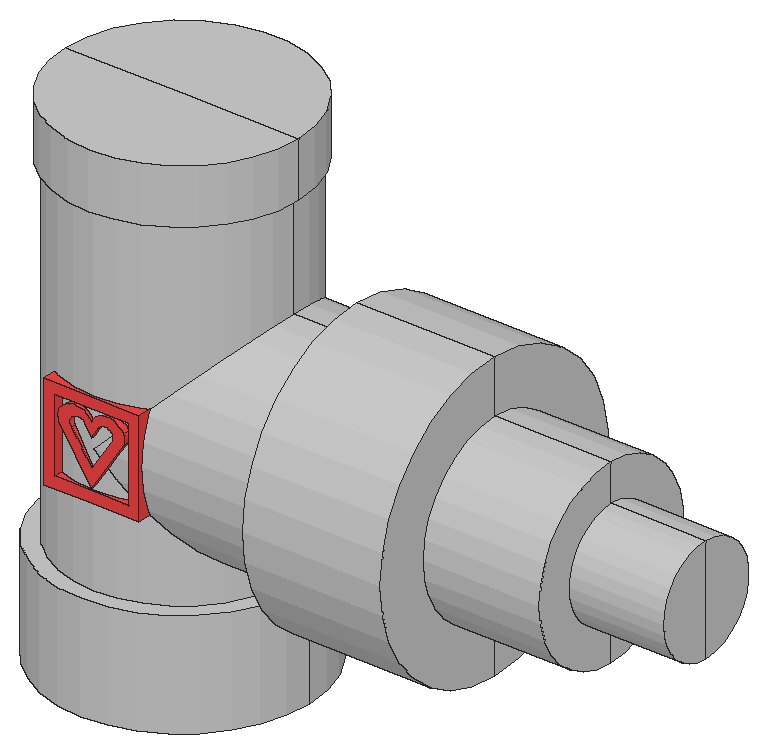
Revit family "RL-1 Return Valve Angle Model 3724", category Rohrzubehör, Revit 2020
Family settings
  Bemaßung runder Anschluss = Durchmesser verwenden
  Teiletyp = Unterbricht
  OmniClass-Nummer = 23.65.55.14
  OmniClass-Titel = Valves for Liquid Services
  Arbeitsebenenbasiert = Nein
  Immer vertikal = Nein
  Beim Laden mit Abzugskörper schneiden = Nein
  Gemeinsam genutzt = Nein
Parameters
  Vorgabe-Ansicht = 0.000 mm
  URL = "www.herzvalves.com"
  SCRNSEQ = "ARM;ARM_TYP=\"ALLF\";2"
  SCRNCODE = "05;01;02"  # constant formula
  S04 = 45.000 mm  # constant formula
  S03 [instance] = H02 - 5.000 mm + 41.000 mm  # 60.500 mm
  S02 [instance] = L04 + L03 - L02  # 25.500 mm
  S01 = 10.000 mm  # constant formula
  R06 = 11.000 mm  # constant formula
  Part number [instance] = size_lookup("3724_1_", "Artnr", 0, Nennweite)  # 1372440
  Nennweite [instance] = 10.000 mm
  Model = "All models are nickel-plated and are universal models with special socket for threaded pipe and compression union."
  Medium = "Hot water purity according to Austrian standard ÖNORM H 5195 and/or VDI guideline 2035."
  Max. operating temperature = 110 °C  # constant formula
  Max. operating pressure = 1000000.0 Pa  # constant formula
  LO1 [instance] = R01 - 0.500 mm  # 10.000 mm
  L04 [instance] = size_lookup("3724_1_", "L4", 1.000 mm, Nennweite)  # 20.000 mm
  L03 [instance] = size_lookup("3724_1_", "L3", 1.000 mm, Nennweite)  # 13.000 mm
  L02 [instance] = size_lookup("3724_1_", "L2", 1.000 mm, Nennweite)  # 7.500 mm
  L01 [instance] = size_lookup("3724_1_", "L1", 1.000 mm, Nennweite)  # 24.000 mm
  Hersteller = "HERZ Armaturen Ges.m.b.H."  # constant formula
  H05 = 5.200 mm  # constant formula
  H04 = 25.500 mm  # constant formula
  H03 [instance] = size_lookup("3724_1_", "H3", 1.000 mm, Nennweite)  # 10.000 mm
  H02 [instance] = 24.500 mm  # constant formula
  H01 [instance] = size_lookup("3724_1_", "H1", 1.000 mm, Nennweite)  # 22.000 mm
  Body = "nickel-plated"  # constant formula
  GT1 [instance] = size_lookup("3724_1_", "GT1", 1.000 mm, Nennweite)  # 9.000 mm
  GT [instance] = size_lookup("3724_1_", "GT", 1.000 mm, Nennweite)  # 9.500 mm
  G2 [instance] = Nennweite / 2  # 5.000 mm
  G1 [instance] = Nennweite / 2  # 5.000 mm
  R01 = 10.500 mm  # constant formula
  D05 [instance] = size_lookup("3724_1_", "D5", 1.000 mm, Nennweite)  # 8.500 mm
  D04 [instance] = size_lookup("3724_1_", "D4", 1.000 mm, Nennweite)  # 13.500 mm
  D03 [instance] = R01  # 10.500 mm
  D02 [instance] = size_lookup("3724_1_", "D2", 1.000 mm, Nennweite)  # 7.940 mm
  D01 [instance] = size_lookup("3724_1_", "D1", 1.000 mm, Nennweite)  # 12.000 mm
  Application = "Hot Water Heating Systems\r\nAfter installation of the return valve it is possible to close the radiator return connection.\r\nWhen the intake valve is closed simultaneously (0-position for thermostatic valves) it is possible to remove the radiator while the heating system remains under pressure.\r\nThus, it is possible to perform servicing operations and to work behind the radiator (wall-papering, laying tiles) without having to switch off the rest of the system.\r\nIf presetting of the return valve or filling and draining of the radiators or of the entire system through the return valve is required, we recommend using the HERZ-RL-5 return valve."
Reference planes
  plane 1 "Mitte (Vorne/hinten)": y = 0
  plane 2: z = 0
  plane 3 "Mitte (Links/rechts)": x = 0
Forms (mm)
  Revolve 1, solid, material "Messing, weicher Gelbton, geschweißt", detail levels fine
    sketch origin (0, 0, 0) x (1, 0, 0) y (0, 0, 1)
      loop
        line (0, 24.5) -> (-10.5, 24.5) -> (-10.5, -12) -> (-12, -12) -> (-12, -22) -> (-5, -22) -> (-5, -12.5) -> (0, -12.5) -> (0, 24.5)
      axis (0, 24.5) -> (0, -22)
    angle from 0 to 360
  Revolve 2, solid, material "Messing, weicher Gelbton, geschweißt", detail levels fine
    sketch origin (0, 0, 0) x (1, 0, 0) y (0, 0, 1)
      loop
        line (0, 0) -> (24, 0) -> (24, 7.94) -> (16.5, 7.94) -> (16.5, 10.5) -> (0, 10.5) -> (0, 0)
      axis (0, 0) -> (24, 0)
    angle from 0 to 360
  Revolve 3, solid, material "Messing, weicher Gelbton, geschweißt", detail levels fine
    sketch origin (-1, 0, 0) x (1, 0, 0) y (0, 0, 1)
      loop
        line (25, 0) -> (50.5, 0) -> (50.5, 5) -> (41.5, 5) -> (41.5, 8.5) -> (30.5, 8.5) -> (30.5, 13.5) -> (17.5, 13.5) -> (17.5, 7.94) -> (25, 7.94) -> (25, 0)
      axis (17.5, 0) -> (50.5, 0)
    angle from 0 to 360
  Revolve 4, solid, material "Messing, weicher Gelbton, geschweißt", detail levels fine
    sketch origin (0, 0, 0) x (1, 0, 0) y (0, 0, 1)
      loop
        line (0, 20.3) -> (11, 20.3) -> (11, 25.5) -> (0, 25.5) -> (0, 20.3)
      axis (0, 25.5) -> (0, 20.3)
    angle from 0 to 360
Lines and regions (mm)
  model lines, detail levels coarse+medium
    curve 1: line (0, 0, 0) -> (12, 0, -22)
    curve 2: line (12, 0, -22) -> (-12, 0, -22)
    curve 3: line (-12, 0, -22) -> (0, 0, 0)
    curve 4: line (0, 0, 0) -> (24, 0, 13.5)
    curve 5: line (24, 0, 13.5) -> (24, 0, -13.5)
    curve 6: line (24, 0, -13.5) -> (0, 0, 0)
    curve 7: line (24, 0, 13.5) -> (34, 0, 13.5)
    curve 8: line (34, 0, 13.5) -> (24, 0, 0)
    curve 9: line (24, 0, -13.5) -> (34, 0, -13.5)
    curve 10: line (34, 0, -13.5) -> (24, 0, 0)
    curve 11: line (24, 0, 0) -> (49.5, 0, 0)
    curve 12: line (0, 0, 0) -> (12, -22, 0)
    curve 13: line (12, -22, 0) -> (-12, -22, 0)
    curve 14: line (-12, -22, 0) -> (0, 0, 0)
    curve 15: line (0, 0, 0) -> (24, 13.5, 0)
    curve 16: line (24, 13.5, 0) -> (24, -13.5, 0)
    curve 17: line (24, -13.5, 0) -> (0, 0, 0)
    curve 18: line (24, 13.5, 0) -> (34, 13.5, 0)
    curve 19: line (34, 13.5, 0) -> (24, 0, 0)
    curve 20: line (24, -13.5, 0) -> (34, -13.5, 0)
    curve 21: line (24, 0, 0) -> (34, -13.5, 0)
Dimensions and locks
  "H02": Revolve 1 sketch curve to plane 2
  "H01": plane 2 to Revolve 1 sketch curve
  "R01": Revolve 1 sketch curve to Revolve 1 sketch curve
  "G1": Revolve 1 sketch curve to Revolve 1 sketch curve
  "D01": Revolve 1 sketch curve to Revolve 1 sketch curve
  "GT": Revolve 1 sketch curve to Revolve 1 sketch curve
  "H03": Revolve 1 sketch curve to Revolve 1 sketch curve
  "D02": Revolve 2 sketch curve to Revolve 2 sketch curve
  "D03": Revolve 2 sketch curve to Revolve 2 sketch curve
  "L01": Revolve 2 sketch curve to Revolve 2 sketch curve
  "L02": Revolve 2 sketch curve to Revolve 2 sketch curve
  "LO1": nested 1 to plane 1 "Mitte (Vorne/hinten)"
  "L02": Revolve 3 sketch curve to Revolve 3 sketch curve
  "L03": Revolve 3 sketch curve to Revolve 3 sketch curve
  "L04": Revolve 3 sketch curve to Revolve 3 sketch curve
  "D04": Revolve 3 sketch curve to Revolve 3 sketch curve
  "G2": Revolve 3 sketch curve to Revolve 3 sketch curve
  "D05": Revolve 3 sketch curve to Revolve 3 sketch curve
  "GT1": Revolve 3 sketch curve to Revolve 3 sketch curve
  "L01": plane 3 "Mitte (Links/rechts)" to Revolve 3 sketch curve
  "D02": Revolve 3 sketch curve to plane 2
  "H01": plane 2 to curve 2
  "L01": curve 5 to plane 3 "Mitte (Links/rechts)"
  "D01": curve 2 to plane 3 "Mitte (Links/rechts)" to curve 3
  "D04": curve 5 to plane 2 to curve 6
  "S01": curve 5 to curve 8
  "S01": curve 5 to curve 10
  "S02": curve 11 to curve 11
  "H01": curve 13 to plane 1 "Mitte (Vorne/hinten)"
  "D01": curve 14 to plane 3 "Mitte (Links/rechts)" to curve 13
  "L01": plane 3 "Mitte (Links/rechts)" to curve 16
  "D04": curve 17 to plane 1 "Mitte (Vorne/hinten)" to curve 16
  "S01": curve 16 to curve 19
  "S01": curve 16 to curve 21
  "R06": Revolve 4 sketch curve to Revolve 4 sketch curve
  "H04": Revolve 4 sketch curve to plane 2
  "H05": Revolve 4 sketch curve to Revolve 4 sketch curve
  aligned and locked: level to plane 2
Automatic sketch dimensions
  curve 4 to level = 0.000 mm
  curve 4 to plane 3 "Mitte (Links/rechts)" = 0.000 mm
  curve 11 to level = 0.000 mm
  curve 8 to level = 0.000 mm
  plane 1 "Mitte (Vorne/hinten)" to curve 14 = 0.000 mm
  curve 14 to plane 3 "Mitte (Links/rechts)" = 0.000 mm
  plane 1 "Mitte (Vorne/hinten)" to curve 19 = 0.000 mm
  Revolve 1 sketch curve to plane 3 "Mitte (Links/rechts)" = 0.000 mm  (x2)
  Revolve 1 sketch curve to Revolve 1 sketch curve = 345.545 mm
  Revolve 1 sketch curve to Revolve 1 sketch curve = 2189.815 mm
  Revolve 2 sketch curve to level = 0.000 mm  (x2)
  Revolve 2 sketch curve to plane 3 "Mitte (Links/rechts)" = 0.000 mm
  Revolve 2 sketch curve to plane 3 "Mitte (Links/rechts)" = 1506.530 mm
  Revolve 2 sketch curve to Revolve 2 sketch curve = 1815.148 mm
  Revolve 3 sketch curve to level = 0.000 mm  (x2)
  Revolve 3 sketch curve to plane 3 "Mitte (Links/rechts)" = 1507.530 mm
  Revolve 3 sketch curve to Revolve 3 sketch curve = 1789.648 mm
  Revolve 4 sketch curve to plane 3 "Mitte (Links/rechts)" = 0.000 mm  (x2)
  Revolve 4 sketch curve to level = 366.045 mm
  Revolve 4 sketch curve to Revolve 4 sketch curve = 2190.315 mm
Nested families
  nested 1: "Herz-Logo-vorne" at (0, -10, 0) x (0, -1, 0) z (0, 0, 1), type "Herz-Logo-vorne", detail levels fine
Connectors
  piping at (0, 0, -12.5), diameter 10, driven by "Nennweite"
    settings: on Revolve 1, index 1, connector inside diameter 609.6 mm, connector length 0.000 mm, flow factor 0, pipe flow 0.0 L/s, pressure drop 0.0 Pa, fitting loss kfactor 0, connector angle 0.00°, fixture units 0, engagement length 0.000 mm, angle of deflection 0.00°, flow configuration 0, flow direction 1, fitting loss method 0, system type 8, joint type 0, gender type 0, connector reference index -1, connector utility 0, adjustable connector no, is connector primary yes, connector description ""
  piping at (49.5, 0, 0), diameter 10, driven by "Nennweite"
    settings: on Revolve 3, index 2, connector inside diameter 609.6 mm, connector length 0.000 mm, flow factor 0, pipe flow 0.0 L/s, pressure drop 0.0 Pa, fitting loss kfactor 0, connector angle 0.00°, fixture units 0, engagement length 0.000 mm, angle of deflection 0.00°, flow configuration 0, flow direction 2, fitting loss method 0, system type 8, joint type 0, gender type 0, connector reference index -1, connector utility 0, adjustable connector no, is connector primary no, connector description ""
Definition of nested family "Herz-Logo-vorne"
  Parameters (values of type "Herz-Logo-vorne")
    Default Elevation = 0.000 mm
  Reference planes
    plane 1 "Mitte (Vorne/hinten)": y = 0
    plane 2: z = 0
    plane 3 "Mitte (Links/rechts)": x = 0
  Forms (mm)
    Extrusion 1, solid
      sketch origin (0.732, -0.018, 0.017) x (0, -1, 0) y (0, 0, 1)
        loop
          line (-0.018, -4.517) -> (4.482, -4.517) -> (4.482, 4.483) -> (-4.518, 4.483) -> (-4.518, -4.517) -> (-0.018, -4.517)
        loop
          line (-0.05, -3.48) -> (3.482, -3.48) -> (3.482, 3.483) -> (-3.518, 3.483) -> (-3.518, -3.48) -> (-0.05, -3.48)
        loop
          arc (-0.018, 2.383) -> (-1.543, 3.287) -> (-3.067, 2.383) r 1.738
          arc (-3.067, 2.383) -> (-3.191, 1.899) -> (-3.067, 1.415) r 1.009
          line (-3.067, 1.415) -> (-0.018, -3.281) -> (3.032, 1.415)
          arc (3.032, 1.415) -> (3.156, 1.899) -> (3.032, 2.383) r 1.009
          arc (3.032, 2.383) -> (1.507, 3.287) -> (-0.018, 2.383) r 1.738
        loop
          arc (1.885, 1.272) -> (2.005, 1.675) -> (1.885, 2.079) r 0.74
          arc (1.885, 2.079) -> (1.265, 2.416) -> (0.644, 2.079) r 0.74
          line (0.644, 2.079) -> (-0.018, 0.97) -> (-0.679, 2.079)
          arc (-0.679, 2.079) -> (-1.3, 2.416) -> (-1.921, 2.079) r 0.74
          arc (-1.921, 2.079) -> (-2.04, 1.675) -> (-1.921, 1.272) r 0.74
          line (-1.921, 1.272) -> (-0.018, -1.658) -> (1.885, 1.272)
      from 0 to 1.5
  Dimensions and locks
    aligned and locked: level to plane 2
